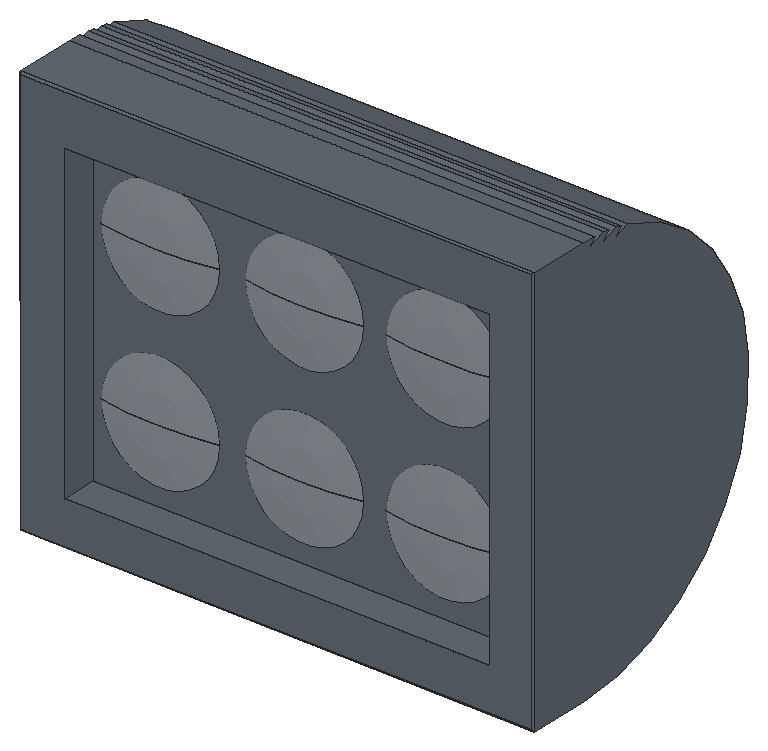
Revit family "KFL1", category Lighting Fixtures, host Face, Revit 2014
Parameters (values of type "KFL1-6L")
  Width 1 = 5.000"
  Width = 11.630"
  Watts = 8 W
  Wattage Comments = "8W"
  Wattage = 8 W
  Warranty = "5 years Warranty"  # constant formula
  built-in parameter 1150110 = 1 (stored number, unit not read)
  Voltage = 120 V
  URL = "https://www.hubbell.com/kimlighting/en/Products/Lighting-Controls/Commercial-Outdoor-Lighting/Flood-Lighting/Architectural-Floodlights/p/3230193"
  built-in parameter 1114217 = 1 (stored number, unit not read)
  Tilt Angle = 0.00°
  built-in parameter 1150109 = 1 (stored number, unit not read)
  built-in parameter 1150134 = (empty or 0)
  built-in parameter 1150113 = 1 (stored number, unit not read)
  Reflector Finish = Hubbell - White Glass
  Product Page URL = "https://www.hubbell.com/hubbelllightingci/en/Products/Lighting-Controls/Commercial-Outdoor-Lighting/Flood-Lighting/KFL-RGBW-Architectural-Floodlights/p/3245567"
  Product Doucmentation Link = "https://hubbellcdn.com/specsheet/kl_kfl1RGBW_spec.pdf"
  Power Factor = 1
  Photometric Web File = "KFL1-6L-8-RGBW-HF.ies"
  Photometric Web Link = "https://www.hubbell.com/hubbelllightingci/en/Products/Lighting-Controls/Commercial-Outdoor-Lighting/Flood-Lighting/KFL-RGBW-Architectural-Floodlights/p/3245567#prod-photometry-section"
  Photometric Note = "For more ies file please find the above Photometric Web Link"
  Model = "KFL1RGBW"
  Manufacturer = "Kim Lighting"  # constant formula
  built-in parameter 1150105 = 38.197 (stored number, unit not read)
  Lumens = 480 lm
  built-in parameter 1150115 = 1 (stored number, unit not read)
  Load Classification = Lighting
  built-in parameter 1150137 = (empty or 0)
  built-in parameter 1150139 = (empty or 0)
  Light DIstributin = "Narrow Spot,Spot,Narrow,Medium,Medium Flood,Wide Flood,Horizonal Flood,Vertical Flood"  # constant formula
  Length = 26.380"
  built-in parameter 1150112 = 1 (stored number, unit not read)
  built-in parameter 1150114 = 1 (stored number, unit not read)
  Lamp = "LED"  # constant formula
  LED = KF : KL-8LED
  built-in parameter 1150132 = (empty or 0)
  built-in parameter 1150102 = (empty or 0)
  built-in parameter 1150107 = 3500 (stored number, unit not read)
  built-in parameter 1150138 = (empty or 0)
  built-in parameter 1150106 = 0.38197 (stored number, unit not read)
  Housing Material = Paint - Hubbell - Carbon Black
  Features = "Second generation LED 2.0\r\n7 beam patterns, Narrow Spot, Spot, Narrow, Medium, Medium Flood, Horizontal and Vertical distributions generate high efficiencies and outstanding uniformity of illumination.\r\nDie-cast housing with integral cooling ribs promote efficient transfer of heat.\r\nThoughtfully designed mounting accessories thatintegrate into the fixture design.\r\nIP66 sealed optical chamber.\r\nStandard 20kV surge suppression\r\nBroad offering of wireless control options available forperfectly tailored lighting and ability to meet stringentcode requirements.\r\n"  # constant formula
  built-in parameter 1150104 = 5.5742 (stored number, unit not read)
  Dimming Lamp Color Temperature Shift = <None>
  Description = "The Kim Archictural Flood is a striking timeless form seamlessly blends high performance optics, controls, scalability and architectural mounting options that cover a wide variety of applications and enhance their environment."  # constant formula
  Default Elevation = 48.000"
  Create Date = "05/30/2019"  # constant formula
  Copyright = "© 2019 KIM LIGHTING"  # constant formula
  Contact = "https://www.hubbell.com/kimlighting/en/contactUs"
  Connector Description = "Lighting Connector"  # constant formula
  Color Filter = 16777215
  built-in parameter 1114216 [instance] = (empty or 0)
  Certifications = "UL 1598 , IP66 certified, UL 8750"  # constant formula
  built-in parameter 1114218 = 1 (stored number, unit not read)
  built-in parameter 1150133 = 10 (stored number, unit not read)
  Assembly Code = "D5020200"
  Apparent Load = Watts / Power Factor  # 8 VA
Reference planes (in)
  plane 1 "Center (Front/Back)": y = 0
  plane 2: z = 0
  plane 3 "Center (Left/Right)": x = 0
  plane 4: z = 9.34
Forms (in)
  Extrusion 1, solid, material "Paint - Hubbell - Carbon Black"
    sketch origin (0, 0, 0) x (1, 0, 0) y (0, 1, 0)
      loop
        circle (0, 0) r 1.5
    from 0 to 0.1
  Extrusion 2, solid, material "Paint - Hubbell - Carbon Black"
    sketch origin (0, -0.125, 0) x (1, 0, 0) y (0, 1, 0)
      loop
        line (-0.75029, 0.87202) -> (-0.75029, -0.62798) -> (0.74971, -0.62798) -> (0.74971, 0.87202) -> (-0.75029, 0.87202)
    from 0 to 2.34
  Extrusion 3, solid, material "Paint - Hubbell - Carbon Black"
    sketch origin (0, 0, -0.51562) x (0, 1, 0) y (0, 0, 1)
      loop
        circle (0, 3.60772) r 1
    from -0.75029 to 0.74971
  Revolve 4, solid, material "Paint - Hubbell - Carbon Black"
    sketch origin (0, 0, 0) x (1, 0, 0) y (0, 0, 1)
      loop
        line (-0.75029, 3.0921) -> (-0.75029, 4.0921)
        arc (-0.75029, 4.0921) -> (-0.89208, 3.60046) -> (-0.95029, 3.0921) r 3.0714
        line (-0.95029, 3.0921) -> (-0.75029, 3.0921)
      loop
        line (0.74971, 3.0921) -> (0.94971, 3.0921)
        arc (0.94971, 3.0921) -> (0.89151, 3.60046) -> (0.74971, 4.0921) r 3.0714
        line (0.74971, 4.0921) -> (0.74971, 3.0921)
      axis (0.94971, 3.0921) -> (-0.95029, 3.0921)
    angle from 0 to 360
Cuts and joins
  joined: Extrusion 1, Extrusion 2, Extrusion 3, Revolve 4
Dimensions and locks (in)
  plane 4 to plane 2 = 9.340"  (x2)
  aligned and locked: plane 2 to host face
  aligned and locked: level to host face
  aligned and locked: imposter light to nested 1
Nested families (in)
  nested 1: "KF" at (-0.02944, -2.31718, 1.84497) x (-1, 0, 0) z (0, 0, 1), type <- "LED", type "KL-8LED"
Connectors (in)
  electrical at (0, 0, 0), driven by "Load Classification", driven by "Voltage", driven by "Apparent Load", driven by "Power Factor", driven by "Connector Description"
    settings: on cut or joined group of Extrusion 1, Extrusion 2, Extrusion 3, Revolve 4, index 1, voltage 120 V, apparent load 8 VA, apparent load phase1 0 VA, apparent load phase2 0 VA, apparent load phase3 0 VA, power factor 1, load classification "Lighting", number of poles 1, system type 30, power factor state 1, is connector primary yes, connector utility no, sub classification motor no, connector description "Lighting Connector"
Definition of nested family "KF"
  Parameters (values of type "KL-16LED")
    Width = 7.000"
    Length = 8.760"
    LED = Glass - Hubbell - White
    Housing = Paint - Hubbell - Carbon Black
    8L = yes
    16L = yes
  Types (2): name | 16L
    KL-8LED | no
    KL-16LED | yes
  Reference planes (in)
    plane 1 "Center (Front/Back)": y = 0
    plane 2: z = 0
    plane 3 "Center (Left/Right)": x = 0
    plane 4: x = 4.38
    plane 5: x = -4.38
    plane 6: y = 3.5
    plane 7: y = -3.5
    plane 8: z = 4.5
  Forms (in)
    Extrusion 1, solid, material "Paint - Hubbell - Carbon Black" <- "Housing"
      sketch origin (0, -2.90128, 3.52628) x (0, 0, -1) y (0, 1, 0)
        loop
          arc (3.5, 1) -> (0, 4.5) -> (-3.5, 1) r 3.5
          line (-3.5, 1) -> (3.5, 1)
      from -4.38 to 4.38
    Extrusion 2, solid, material "Paint - Hubbell - Carbon Black" <- "Housing"
      sketch origin (0, 3.94992, -3.32755) x (0, 0.965926, 0.258819) y (0, -0.258819, 0.965926)
        loop
          arc (-1.01882, 4.32864) -> (-0.10323, 4.2081) -> (0.52068, 4.88898) r 1
          line (0.52068, 4.88898) -> (-0.61789, 6.86104)
          arc (-0.61789, 6.86104) -> (-1.04488, 6.0795) -> (-1.65528, 5.43102) r 3.5
          line (-1.65528, 5.43102) -> (-1.01882, 4.32864)
      from -0.5 to 0.5
    Extrusion 3, solid, material "Paint - Hubbell - Carbon Black" <- "Housing"
      sketch origin (0, 0, 0) x (1, 0, 0) y (0, 0, 1)
        loop
          line (-4.38, 7.02628) -> (-4.38, 0.02628) -> (4.38, 0.02628) -> (4.38, 7.02628) -> (-4.38, 7.02628)
      from 1.90128 to 2.98377
    Extrusion 4, void
      sketch origin (0, 0, 0) x (1, 0, 0) y (0, 0, 1)
        loop
          line (3.60511, 6.14327) -> (-3.63, 6.14327) -> (-3.63, 0.78578) -> (3.60511, 0.78578) -> (3.60511, 6.14327)
      from 2.37324 to 2.98377
    Extrusion 5, void
      sketch origin (0, 0, 0) x (0, 1, 0) y (0, 0, 1)
        loop
          line (-1.6795, 7.01925) -> (-1.81661, 6.88214) -> (-1.4879, 7.00178)
          arc (-1.4879, 7.00178) -> (-1.58358, 7.01183) -> (-1.6795, 7.01925) r 3.5
        loop
          line (-1.38384, 6.98782) -> (-1.52576, 6.8459) -> (-1.21619, 6.95857)
          arc (-1.21619, 6.95857) -> (-1.29983, 6.97422) -> (-1.38384, 6.98782) r 3.5
        loop
          line (-1.11634, 6.93713) -> (-1.25692, 6.79655) -> (-0.97136, 6.90048)
          arc (-0.97136, 6.90048) -> (-1.04366, 6.91958) -> (-1.11634, 6.93713) r 3.5
      from -4.38 to 4.38
    Sweep 6, void
      path in 3D
        loop
          line (-4.38, -2.98377, 7.02628) -> (-4.38, -2.98377, 0.02628) -> (4.38, -2.98377, 0.02628) -> (4.38, -2.98377, 7.02628) -> (-4.38, -2.98377, 7.02628)
      profile origin (0, -2.98377, 7.02628) x (0, -1, 0) y (0, 0, 1)
        loop
          line (0, 0) -> (-0.031, 0)
          arc (-0.031, 0) -> (-0.01284, -0.01284) -> (0, -0.031) r 0.06575
          line (0, -0.031) -> (0, 0)
    Revolve 7, solid, material "Glass - Hubbell - White" <- "LED", visible <- "8L"
      sketch origin (2.63879, -2.90128, 2.08878) x (-1, 0, 0) y (0, -1, 0)
        loop
          line (2.63879, -0.52804) -> (2.63879, -0.43011)
          arc (2.63879, -0.43011) -> (2.13082, -0.44976) -> (1.62853, -0.52804) r 4.38767
          line (1.62853, -0.52804) -> (2.63879, -0.52804)
        axis (2.63879, -0.52804) -> (2.63879, -0.43011)
      angle from 0 to 360
    Revolve 8, solid, material "Glass - Hubbell - White" <- "LED", visible <- "8L"
      sketch origin (0.24326, -2.90128, 2.08878) x (-1, 0, 0) y (0, -1, 0)
        loop
          line (2.63879, -0.52804) -> (2.63879, -0.43011)
          arc (2.63879, -0.43011) -> (2.13082, -0.44976) -> (1.62853, -0.52804) r 4.38767
          line (1.62853, -0.52804) -> (2.63879, -0.52804)
        axis (2.63879, -0.52804) -> (2.63879, -0.43011)
      angle from 0 to 360
    Revolve 9, solid, material "Glass - Hubbell - White" <- "LED", visible <- "8L"
      sketch origin (-0.18076, -2.90128, 2.08878) x (1, 0, 0) y (0, 1, 0)
        loop
          line (2.63879, 0.52804) -> (1.62853, 0.52804)
          arc (1.62853, 0.52804) -> (2.13082, 0.44976) -> (2.63879, 0.43011) r 4.38767
          line (2.63879, 0.43011) -> (2.63879, 0.52804)
        axis (2.63879, 0.52804) -> (2.63879, 0.43011)
      angle from 0 to 360
    Revolve 10, solid, material "Glass - Hubbell - White" <- "LED", visible <- "8L"
      sketch origin (2.63879, -2.90128, 4.76752) x (-1, 0, 0) y (0, -1, 0)
        loop
          line (2.63879, -0.52804) -> (2.63879, -0.43011)
          arc (2.63879, -0.43011) -> (2.13082, -0.44976) -> (1.62853, -0.52804) r 4.38767
          line (1.62853, -0.52804) -> (2.63879, -0.52804)
        axis (2.63879, -0.52804) -> (2.63879, -0.43011)
      angle from 0 to 360
    Revolve 11, solid, material "Glass - Hubbell - White" <- "LED", visible <- "8L"
      sketch origin (0.24326, -2.90128, 4.76752) x (-1, 0, 0) y (0, -1, 0)
        loop
          line (2.63879, -0.52804) -> (2.63879, -0.43011)
          arc (2.63879, -0.43011) -> (2.13082, -0.44976) -> (1.62853, -0.52804) r 4.38767
          line (1.62853, -0.52804) -> (2.63879, -0.52804)
        axis (2.63879, -0.52804) -> (2.63879, -0.43011)
      angle from 0 to 360
    Revolve 12, solid, material "Glass - Hubbell - White" <- "LED", visible <- "8L"
      sketch origin (-0.18076, -2.90128, 4.76752) x (1, 0, 0) y (0, 1, 0)
        loop
          line (2.63879, 0.52804) -> (1.62853, 0.52804)
          arc (1.62853, 0.52804) -> (2.13082, 0.44976) -> (2.63879, 0.43011) r 4.38767
          line (2.63879, 0.43011) -> (2.63879, 0.52804)
        axis (2.63879, 0.52804) -> (2.63879, 0.43011)
      angle from 0 to 360
  Cuts and joins
    Extrusion 4, Extrusion 5, Sweep 6 cuts Extrusion 1
    Extrusion 4, Sweep 6 cuts Extrusion 3
    joined: Extrusion 1, Extrusion 3
  Lines and regions (in)
    sketch lines
      curve 1: line (4.38, -2.98377, 7.02628) -> (-4.38, -2.98377, 7.02628)
      curve 2: line (4.38, -2.98377, 0.02628) -> (4.38, -2.98377, 7.02628)
      curve 3: line (-4.38, -2.98377, 0.02628) -> (4.38, -2.98377, 0.02628)
      curve 4: line (-4.38, -2.98377, 7.02628) -> (-4.38, -2.98377, 0.02628)
  Dimensions and locks (in)
    "Length": plane 5 to plane 4
    "Width": plane 7 to plane 6
    equal spacing: plane 7, plane 1 "Center (Front/Back)", plane 6
    equal spacing: plane 5, plane 3 "Center (Left/Right)", plane 4
    plane 8 to plane 2 = 4.500"
    aligned and locked: plane 2 to level
    aligned and locked: Extrusion 1 to plane 5
    aligned and locked: plane 4 to Extrusion 1
    aligned and locked: cut or joined group of Extrusion 1, Extrusion 3, Extrusion 4, Extrusion 5, Sweep 6 to Extrusion 5  (x2)
  Automatic sketch dimensions
    plane 8 to Extrusion 1 sketch curve = 2.52628"
    Extrusion 1 sketch curve to plane 8 = 0.97372"
    Extrusion 1 sketch curve to plane 7 = 1.59872"
    Extrusion 2 sketch curve to plane 8 = 0.97372"
    Extrusion 2 sketch curve to plane 7 = 1.59872"
    Extrusion 2 sketch curve to Extrusion 2 sketch curve = 2.22264"
    Extrusion 2 sketch curve to Extrusion 2 sketch curve = 0.63646"
    Extrusion 2 sketch curve to Extrusion 2 sketch curve = 1.03739"
    Extrusion 2 sketch curve to Extrusion 2 sketch curve = 0.57358"
    Extrusion 2 sketch curve to Extrusion 2 sketch curve = 0.96593"
    Extrusion 2 sketch curve to Extrusion 2 sketch curve = 1.27365"
    Extrusion 2 sketch curve to Extrusion 2 sketch curve = 0.28323"
    Extrusion 2 sketch curve to Extrusion 2 sketch curve = 0.25882"
    Extrusion 3 sketch curve to plane 5 = 0.000"
    Extrusion 3 sketch curve to plane 4 = 0.000"
    level to Extrusion 3 sketch curve = 0.02628"
    plane 8 to Extrusion 3 sketch curve = 2.52628"
    plane 5 to Extrusion 4 sketch curve = 0.750"
    Extrusion 4 sketch curve to plane 4 = 0.77489"
    level to Extrusion 4 sketch curve = 0.78578"
    plane 8 to Extrusion 4 sketch curve = 1.64327"
    Extrusion 5 sketch curve to Extrusion 5 sketch curve = 0.000"  (x6)
    Extrusion 5 sketch curve to plane 7 = 1.59872"
    Extrusion 5 sketch curve to plane 7 = 1.68339"
    Extrusion 5 sketch curve to Extrusion 5 sketch curve = 0.1371"
    Extrusion 5 sketch curve to Extrusion 5 sketch curve = 0.15374"
    Extrusion 5 sketch curve to Extrusion 5 sketch curve = 0.03786"
    Extrusion 5 sketch curve to Extrusion 5 sketch curve = 0.10406"
    Extrusion 5 sketch curve to Extrusion 5 sketch curve = 0.12692"
    Extrusion 5 sketch curve to Extrusion 5 sketch curve = 0.04074"
    Extrusion 5 sketch curve to Extrusion 5 sketch curve = 0.09984"
    Extrusion 5 sketch curve to Extrusion 5 sketch curve = 0.14498"
    Extrusion 5 sketch curve to plane 8 = 0.97372"
    plane 8 to Extrusion 5 sketch curve = 2.29655"
    Extrusion 5 sketch curve to Extrusion 5 sketch curve = 0.04935"
    Extrusion 5 sketch curve to Extrusion 5 sketch curve = 0.03625"
    Extrusion 5 sketch curve to Extrusion 5 sketch curve = 0.10393"
    Extrusion 5 sketch curve to Extrusion 5 sketch curve = 0.02145"
    Extrusion 5 sketch curve to Extrusion 5 sketch curve = 0.01396"
    Sweep 6 sketch curve to profile plane = 0.000"  (x2)
    profile plane to Sweep 6 sketch curve = 0.031"
    profile plane to Sweep 6 sketch curve = 0.05933"
    Sweep 6 sketch curve to profile plane = 0.031"
    Revolve 7 sketch curve to plane 3 "Center (Left/Right)" = 0.000"  (x2)
    plane 3 "Center (Left/Right)" to Revolve 7 sketch curve = 0.08466"
    plane 3 "Center (Left/Right)" to Revolve 7 sketch curve = 1.01027"
    plane 6 to Revolve 7 sketch curve = 1.58432"
    Revolve 7 sketch curve to plane 7 = 1.12676"
    Revolve 7 sketch curve to Revolve 7 sketch curve = 0.000"
    Revolve 7 sketch curve to Revolve 7 sketch curve = 0.12061"
    Revolve 8 sketch curve to plane 3 "Center (Left/Right)" = 1.38527"
    plane 5 to Revolve 8 sketch curve = 2.06912"
    Revolve 8 sketch curve to Revolve 8 sketch curve = 1.01027"
    plane 6 to Revolve 8 sketch curve = 1.58432"
    Revolve 8 sketch curve to plane 7 = 1.12676"
    Revolve 8 sketch curve to Revolve 8 sketch curve = 0.000"  (x2)
    Revolve 8 sketch curve to Revolve 8 sketch curve = 0.12061"
    plane 3 "Center (Left/Right)" to Revolve 9 sketch curve = 1.44777"
    Revolve 9 sketch curve to plane 4 = 2.00662"
    Revolve 9 sketch curve to Revolve 9 sketch curve = 1.01027"
    Revolve 9 sketch curve to plane 7 = 1.02883"
    Revolve 9 sketch curve to Revolve 9 sketch curve = 0.09793"
    Revolve 9 sketch curve to Revolve 9 sketch curve = 0.000"  (x2)
    Revolve 9 sketch curve to Revolve 9 sketch curve = 0.12061"
    Revolve 10 sketch curve to plane 3 "Center (Left/Right)" = 0.000"  (x2)
    plane 3 "Center (Left/Right)" to Revolve 10 sketch curve = 0.08466"
    plane 3 "Center (Left/Right)" to Revolve 10 sketch curve = 1.01027"
    plane 6 to Revolve 10 sketch curve = 1.58432"
    Revolve 10 sketch curve to plane 7 = 1.12676"
    Revolve 10 sketch curve to Revolve 10 sketch curve = 0.000"
    Revolve 10 sketch curve to Revolve 10 sketch curve = 0.12061"
    Revolve 11 sketch curve to plane 3 "Center (Left/Right)" = 1.38527"
    plane 5 to Revolve 11 sketch curve = 2.06912"
    Revolve 11 sketch curve to Revolve 11 sketch curve = 1.01027"
    plane 6 to Revolve 11 sketch curve = 1.58432"
    Revolve 11 sketch curve to plane 7 = 1.12676"
    Revolve 11 sketch curve to Revolve 11 sketch curve = 0.000"  (x2)
    Revolve 11 sketch curve to Revolve 11 sketch curve = 0.12061"
    plane 3 "Center (Left/Right)" to Revolve 12 sketch curve = 1.44777"
    Revolve 12 sketch curve to plane 4 = 2.00662"
    Revolve 12 sketch curve to Revolve 12 sketch curve = 1.01027"
    Revolve 12 sketch curve to plane 7 = 1.02883"
    Revolve 12 sketch curve to Revolve 12 sketch curve = 0.09793"
    Revolve 12 sketch curve to Revolve 12 sketch curve = 0.000"  (x2)
    Revolve 12 sketch curve to Revolve 12 sketch curve = 0.12061"
